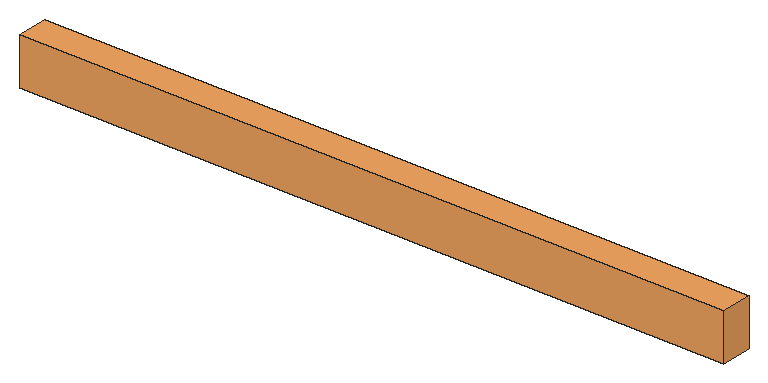
Revit family "BUS_Straight Length 800A", category Electrical Equipment, Revit 2025
Family settings
  Panel Configuration = Two Columns, Circuits Across
  Round Connector Dimension = Use Diameter
  Part Type = Panelboard
  OmniClass Number = 23.80.30.11.17
  OmniClass Title = Distribution Boards and Control Panels
  Work Plane-Based = No
  Always vertical = Yes
  Cut with Voids When Loaded = No
  Maintain Annotation Orientation = No
  Shared = No
  Room Calculation Point = No
Parameters (values of type "800A Cu 4P+PE")
  built-in parameter 1140142 [instance] = -1
  Section Length [instance] = 3000 mm
  built-in parameter 1140140 [instance] = 1 (stored number, unit not read)
  built-in parameter 1155100 [instance] = -1
  Default Elevation = 0 mm
Reference planes
  plane 1 "Center (Front/Back)": y = 0
  plane 2: z = 0
  plane 3 "Center (Left/Right)": x = 0
Forms (mm)
  Extrusion 1, solid, material "Busduct 800A"
    sketch origin (0, 0, 0) x (0, 1, 0) y (0, 0, 1)
      loop
        line (-65, -100) -> (65, -100) -> (65, 100) -> (-65, 100) -> (-65, -100)
    from 0 to 3000 <- "Section Length"
Dimensions and locks
  aligned and locked: level to plane 2
